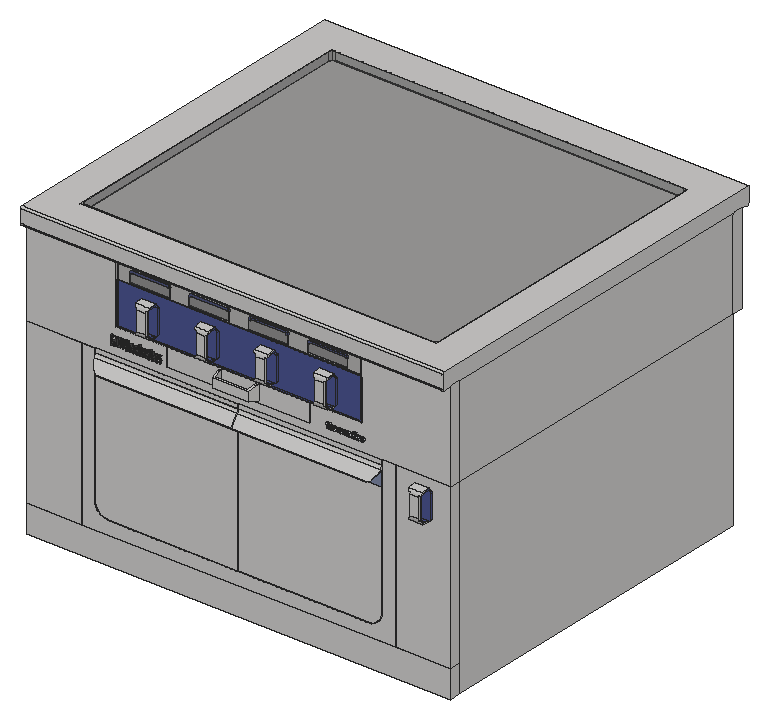
Revit family "QF_ELECTROLUXPROFESSIONAL_589707_MCTHEAJ4AO", category Attrezzature speciali, Revit 2020 (continued)
Definition of nested family "Front_Panel_W1000_Four Knobs"
  Definition of nested family "ELX_Professional_Logo_Small"
    Forms (mm)
      Extrusion 2, solid, material <- "Material_Logo"
        sketch origin (15.5, 0, 0) x (1, 0, 0) y (0, 1, 0)
          loop
            line (40.457, -0.243) -> (38.894, 1.942) -> (40.83, 4.579) -> (42.488, 6.837) -> (39.782, 6.837) -> (37.53, 3.719) -> (35.258, 6.837) -> (32.573, 6.837) -> (34.113, 4.731) -> (36.167, 1.922) -> (34.014, -1.076) -> (32.222, -3.573) -> (34.887, -3.573) -> (37.53, 0.104) -> (40.174, -3.573) -> (42.839, -3.573) -> (40.457, -0.243)
          loop
            line (-46.121, -5.837) -> (-48.039, -5.837) -> (-48.039, -10.814) -> (-47.016, -10.814) -> (-47.016, -9.128) -> (-46.121, -9.128)
            arc (-46.121, -9.128) -> (-44.476, -7.482) -> (-46.121, -5.837) r 1.645
          loop
            line (-46.163, -6.778) -> (-47.016, -6.778) -> (-47.016, -8.187) -> (-46.163, -8.187)
            arc (-46.163, -8.187) -> (-45.458, -7.482) -> (-46.163, -6.778) r 0.704
          loop
            line (-38.313, -5.837) -> (-40.265, -5.837) -> (-40.265, -10.814) -> (-39.241, -10.814) -> (-39.241, -9.1) -> (-38.46, -9.182) -> (-37.48, -10.814) -> (-36.318, -10.814) -> (-37.513, -8.848)
            arc (-37.513, -8.848) -> (-36.888, -8.266) -> (-36.671, -7.441) r 1.536
            arc (-36.671, -7.441) -> (-37.165, -6.305) -> (-38.313, -5.837) r 1.643
          loop
            arc (-38.402, -8.166) -> (-37.707, -7.505) -> (-38.334, -6.778) r 0.696
            line (-38.334, -6.778) -> (-39.241, -6.778) -> (-39.241, -8.166) -> (-38.402, -8.166)
          loop
            circle (-29.965, -8.325) r 2.585
          loop
            circle (-29.965, -8.325) r 1.64
          loop
            line (-23.1, -5.837) -> (-23.1, -10.814) -> (-22.076, -10.814) -> (-22.076, -8.768) -> (-20.204, -8.768) -> (-20.204, -7.828) -> (-22.076, -7.828) -> (-22.076, -6.778) -> (-20.024, -6.778) -> (-20.024, -5.837) -> (-23.1, -5.837)
          loop
            line (-15.802, -5.837) -> (-15.802, -9.2)
            arc (-15.802, -9.2) -> (-15.343, -10.34) -> (-14.209, -10.814) r 1.593
            line (-14.209, -10.814) -> (-12.602, -10.814) -> (-12.602, -10.027) -> (-14.004, -10.027)
            arc (-14.004, -10.027) -> (-14.552, -9.8) -> (-14.779, -9.252) r 0.775
            line (-14.779, -9.252) -> (-14.779, -8.424) -> (-12.789, -8.424) -> (-12.789, -7.642) -> (-14.779, -7.642) -> (-14.779, -6.778) -> (-12.651, -6.778) -> (-12.651, -5.837) -> (-15.802, -5.837)
          loop
            line (-5.909, -7.143) -> (-5.173, -6.638)
            arc (-5.173, -6.638) -> (-5.855, -5.974) -> (-6.781, -5.755) r 1.782
            arc (-6.781, -5.755) -> (-7.397, -5.878) -> (-7.944, -6.189) r 1.974
            arc (-7.944, -6.189) -> (-8.202, -6.5) -> (-8.317, -6.888) r 1.013
            arc (-8.317, -6.888) -> (-8.306, -7.341) -> (-8.192, -7.78) r 1.985
            arc (-8.192, -7.78) -> (-7.749, -8.259) -> (-7.171, -8.563) r 1.928
            arc (-7.171, -8.563) -> (-6.637, -8.779) -> (-6.131, -9.056) r 5.041
            arc (-6.131, -9.056) -> (-5.934, -9.387) -> (-6.09, -9.74) r 0.42
            arc (-6.09, -9.74) -> (-6.631, -9.96) -> (-7.204, -9.845) r 1.016
            arc (-7.204, -9.845) -> (-7.625, -9.603) -> (-7.889, -9.196) r 1.033
            line (-7.889, -9.196) -> (-8.67, -9.686)
            arc (-8.67, -9.686) -> (-8.361, -10.198) -> (-7.908, -10.589) r 1.914
            arc (-7.908, -10.589) -> (-7.334, -10.834) -> (-6.714, -10.896) r 2.063
            arc (-6.714, -10.896) -> (-5.947, -10.743) -> (-5.256, -10.376) r 2.696
            arc (-5.256, -10.376) -> (-4.95, -9.565) -> (-5.108, -8.712) r 1.618
            arc (-5.108, -8.712) -> (-5.448, -8.319) -> (-5.884, -8.035) r 1.876
            arc (-5.884, -8.035) -> (-6.434, -7.789) -> (-6.999, -7.577) r 9.883
            arc (-6.999, -7.577) -> (-7.325, -7.07) -> (-6.854, -6.694) r 0.45
            arc (-6.854, -6.694) -> (-6.329, -6.809) -> (-5.909, -7.143) r 1.197
          loop
            line (1.61, -7.143) -> (2.345, -6.638)
            arc (2.345, -6.638) -> (1.663, -5.974) -> (0.737, -5.755) r 1.782
            arc (0.737, -5.755) -> (0.121, -5.878) -> (-0.425, -6.189) r 1.974
            arc (-0.425, -6.189) -> (-0.683, -6.5) -> (-0.799, -6.888) r 1.013
            arc (-0.799, -6.888) -> (-0.788, -7.341) -> (-0.674, -7.78) r 1.985
            arc (-0.674, -7.78) -> (-0.231, -8.259) -> (0.347, -8.563) r 1.928
            arc (0.347, -8.563) -> (0.881, -8.779) -> (1.387, -9.056) r 5.041
            arc (1.387, -9.056) -> (1.584, -9.387) -> (1.428, -9.74) r 0.42
            arc (1.428, -9.74) -> (0.887, -9.96) -> (0.314, -9.845) r 1.016
            arc (0.314, -9.845) -> (-0.107, -9.603) -> (-0.371, -9.196) r 1.033
            line (-0.371, -9.196) -> (-1.152, -9.686)
            arc (-1.152, -9.686) -> (-0.842, -10.198) -> (-0.39, -10.589) r 1.914
            arc (-0.39, -10.589) -> (0.184, -10.834) -> (0.804, -10.896) r 2.063
            arc (0.804, -10.896) -> (1.572, -10.743) -> (2.263, -10.376) r 2.696
            arc (2.263, -10.376) -> (2.568, -9.565) -> (2.411, -8.712) r 1.618
            arc (2.411, -8.712) -> (2.07, -8.319) -> (1.635, -8.035) r 1.876
            arc (1.635, -8.035) -> (1.084, -7.789) -> (0.519, -7.577) r 9.883
            arc (0.519, -7.577) -> (0.193, -7.07) -> (0.665, -6.694) r 0.45
            arc (0.665, -6.694) -> (1.189, -6.809) -> (1.61, -7.143) r 1.197
          loop
            line (6.801, -5.837) -> (6.801, -10.814) -> (7.825, -10.814) -> (7.825, -5.837) -> (6.801, -5.837)
          loop
            circle (14.724, -8.325) r 1.548
          loop
            circle (14.724, -8.325) r 2.585
          loop
            line (21.59, -10.814) -> (22.623, -10.814) -> (22.623, -7.685) -> (24.9, -10.814) -> (25.895, -10.814) -> (25.895, -5.837) -> (24.861, -5.837) -> (24.861, -9.061) -> (22.585, -5.837) -> (21.59, -5.837) -> (21.59, -10.814)
          loop
            line (31.054, -10.814) -> (31.539, -9.74) -> (33.38, -9.74) -> (33.865, -10.814) -> (34.965, -10.814) -> (32.46, -5.837) -> (29.956, -10.814) -> (31.054, -10.814)
          loop
            line (32.46, -7.698) -> (31.999, -8.719) -> (32.921, -8.719) -> (32.46, -7.698)
          loop
            line (40.047, -9.873) -> (40.047, -5.837) -> (39.024, -5.837) -> (39.024, -10.814) -> (41.961, -10.814) -> (41.961, -9.873) -> (40.047, -9.873)
          loop
            line (-74.986, -10.814) -> (-53.322, -10.814) -> (-53.322, 10.82) -> (-74.986, 10.82) -> (-74.986, -10.814)
          loop
            line (-61.261, 9.758) -> (-61.261, -9.707)
            arc (-61.261, -9.707) -> (-54.066, 0.025) -> (-61.261, 9.758) r 10.18
          loop
            line (-62.251, 8.349) -> (-62.251, 9.758)
            arc (-62.251, 9.758) -> (-70.347, 7.918) -> (-74.247, 0.59) r 9.976
            line (-74.247, 0.59) -> (-71.026, 0.59)
            arc (-71.026, 0.59) -> (-65.274, 2.925) -> (-62.251, 8.349) r 9.351
          loop
            arc (-74.247, -0.539) -> (-70.353, -7.928) -> (-62.251, -9.957) r 10.237
            line (-62.251, -9.957) -> (-62.251, -8.298)
            arc (-62.251, -8.298) -> (-65.274, -2.874) -> (-71.026, -0.539) r 9.351
            line (-71.026, -0.539) -> (-74.247, -0.539)
        from 0 to 1.644
    Dimensions and locks
      aligned and locked: plane 2 to Extrusion 1
      aligned and locked: level to Extrusion 1
Definition of nested family "H450H2W1000_2DOOR"
  Parameters
    Width [instance] = 680 mm
    Wdoor [instance] = Width / 2  # 340 mm
    Show Clearance [instance] = yes
    Model = "727995"
    Height = 450 mm
    Default Elevation = 0 mm
  Reference planes
    plane 1 "Center (Front/Back)": y = 0
    plane 2: z = 0
    plane 3 "Center (Left/Right)": x = 36.042
    plane 4 "panel": z = 25
    plane 5: x = -303.958
    plane 6: x = 376.042
    plane 7: y = 450
    plane 8: z = 340
    plane 9: z = 45
  Forms (mm)
    Extrusion 1, solid
      sketch origin (0, -919.2, 0) x (1, 0, 0) y (0, 1, 0)
        loop
          line (-980.5, 2119.2) -> (-980.5, -162.846) -> (881.94, -162.846) -> (881.94, 2119.2) -> (-980.5, 2119.2)
      from 0 to -59.546
    Extrusion 2, solid
      sketch origin (0, 0, 0) x (1, 0, 0) y (0, 1, 0)
        loop
          line (374.042, 393) -> (37.042, 393) -> (37.042, 97) -> (344.042, 97)
          arc (344.042, 97) -> (365.255, 105.787) -> (374.042, 127) r 30
          line (374.042, 127) -> (374.042, 393)
        loop
          arc (-301.958, 127) -> (-293.171, 105.787) -> (-271.958, 97) r 30
          line (-271.958, 97) -> (35.042, 97) -> (35.042, 393) -> (-301.958, 393) -> (-301.958, 127)
      from 0 to 25
    Extrusion 3, solid
      sketch origin (0, 0, 0) x (1, 0, 0) y (0, 1, 0)
        loop
          line (-301.958, 393) -> (35.042, 393) -> (35.042, 440) -> (-301.958, 440) -> (-301.958, 393)
        loop
          line (37.042, 440) -> (37.042, 393) -> (374.042, 393) -> (374.042, 440) -> (37.042, 440)
      from 0 to 25
    Extrusion 4, solid
      sketch origin (5.581, 79.805, 0) x (1, 0, 0) y (0, 1, 0)
        loop
          line (-307.539, 360.195) -> (29.461, 360.195) -> (29.461, 370.195) -> (-307.539, 370.195) -> (-307.539, 360.195)
        loop
          line (31.461, 370.195) -> (31.461, 360.195) -> (368.461, 360.195) -> (368.461, 370.195) -> (31.461, 370.195)
      from 0 to 25
    Extrusion 5, solid
      sketch origin (36.042, 0, 0) x (0, 1, 0) y (0, 0, 1)
        loop
          line (426.693, 25) -> (440.02, 25)
          arc (440.02, 25) -> (435.261, 25.775) -> (430.993, 28.02) r 15
          line (430.993, 28.02) -> (406.653, 46.362) -> (403.644, 42.369) -> (426.693, 25)
      from 1 to 338
    Extrusion 6, solid
      sketch origin (36.042, 0, 0) x (0, 1, 0) y (0, 0, 1)
        loop
          line (426.693, 25) -> (440.02, 25)
          arc (440.02, 25) -> (435.261, 25.775) -> (430.993, 28.02) r 15
          line (430.993, 28.02) -> (406.653, 46.362) -> (403.644, 42.369) -> (426.693, 25)
      from -338 to -1
    Extrusion 7, void
      sketch origin (0, 0, 0) x (1, 0, 0) y (0, 1, 0)
        loop
          arc (374.042, 426.693) -> (364.508, 412.772) -> (350.317, 403.644) r 42.603
          line (350.317, 403.644) -> (374.042, 403.644) -> (374.042, 426.693)
      from 0 to 47.9
    Extrusion 8, void
      sketch origin (72.084, 0, 0) x (-1, 0, 0) y (0, -1, 0)
        loop
          line (374.042, -426.693) -> (374.042, -403.644) -> (350.317, -403.644)
          arc (350.317, -403.644) -> (364.508, -412.772) -> (374.042, -426.693) r 42.603
      from 0 to 47.9
    Extrusion 9, solid, detail levels coarse
      sketch origin (0, 0, 0) x (1, 0, 0) y (0, 0, 1)
        loop
          arc (36.231, 25) -> (-56.085, 247.873) -> (-278.958, 340.189) r 315.189
          line (-278.958, 340.189) -> (-278.958, 25) -> (36.231, 25)
      from -450 to -97
    Extrusion 10, solid, detail levels coarse
      sketch origin (0, 0, 0) x (1, 0, 0) y (0, 0, 1)
        loop
          arc (351.042, 340) -> (128.303, 247.739) -> (36.042, 25) r 315
          line (36.042, 25) -> (351.042, 25) -> (351.042, 340)
      from -450 to -97
  Cuts and joins
    Extrusion 8 cuts Extrusion 6
    Extrusion 7 cuts Extrusion 5
  Lines and regions (mm)
    symbolic lines
      curve 1: line (376.042, 0, 45) -> (376.042, 0, 340)
      curve 2: line (351.042, 0, 45) -> (351.042, 0, 340)
      curve 3: line (376.042, 0, 340) -> (351.042, 0, 340)
      curve 4: line (-303.958, 0, 45) -> (-303.958, 0, 340)
      curve 5: line (-278.958, 0, 45) -> (-278.958, 0, 340)
      curve 6: line (-303.958, 0, 340) -> (-278.958, 0, 340)
      curve 7: arc (351.042, 0, 340) -> (135.522, 0, 254.731) -> (36.683, 0, 45.088) r 315
      curve 8: arc (35.407, 0, 44.997) -> (-63.405, 0, 254.7) -> (-278.958, 0, 340) r 315
  Dimensions and locks
    plane 4 "panel" to level = 25 mm
    "Width": plane 5 to plane 6
    equal spacing: plane 5, plane 3 "Center (Left/Right)", plane 6
    "Height": plane 1 "Center (Front/Back)" to plane 7
    locked: plane 5 to Extrusion 2 sketch curve at 2
    locked: Extrusion 2 sketch curve to plane 6 at 2
    locked: plane 1 "Center (Front/Back)" to Extrusion 2 sketch curve at 97
    locked: plane 7 to Extrusion 2 sketch curve at 57
    locked: Extrusion 2 sketch curve to plane 3 "Center (Left/Right)" at 1
    locked: plane 3 "Center (Left/Right)" to Extrusion 2 sketch curve at 1
    Extrusion 3 sketch curve to Extrusion 2 = 47 mm
    "Wdoor": plane 8 to level
    locked: curve 2 to curve 1 at 25
    locked: curve 5 to curve 4 at 25
    plane 4 "panel" to plane 9 = 20 mm
    aligned and locked: plane 2 to Extrusion 1
    aligned and locked: level to Extrusion 1
    aligned and locked: plane 4 "panel" to Extrusion 2
    aligned and locked: Extrusion 2 to Extrusion 3 sketch curve
    aligned and locked: Extrusion 3 sketch curve to Extrusion 2  (x2)
    aligned and locked: Extrusion 3 sketch curve to Extrusion 3 sketch curve
    aligned and locked: plane 4 "panel" to Extrusion 3
    aligned and locked: Extrusion 4 sketch curve to Extrusion 4 sketch curve
    aligned and locked: Extrusion 4 sketch curve to Extrusion 3  (x3)
    aligned and locked: Extrusion 3 to Extrusion 4 sketch curve
    aligned and locked: Extrusion 4 sketch curve to plane 7
    aligned and locked: Extrusion 3 to Extrusion 5
    aligned and locked: Extrusion 5 to Extrusion 3
    aligned and locked: Extrusion 6 to Extrusion 3
    aligned and locked: Extrusion 3 to Extrusion 6
    aligned and locked: Extrusion 7 sketch curve to Extrusion 5
    aligned and locked: Extrusion 8 to Extrusion 6
    aligned and locked: Extrusion 4 to Extrusion 8
    aligned and locked: Extrusion 2 to Extrusion 7
    aligned and locked: Extrusion 7 to Extrusion 5
    aligned and locked: Extrusion 4 to Extrusion 3  (x2)
    aligned and locked: Extrusion 3 to Extrusion 2
    aligned and locked: Extrusion 4 to Extrusion 2
    aligned and locked: curve 3 to plane 8
    aligned and locked: curve 1 to plane 6
    aligned and locked: curve 4 to plane 5
    aligned and locked: Extrusion 9 sketch curve to plane 4 "panel"
    aligned and locked: Extrusion 10 sketch curve to curve 7
    aligned and locked: Extrusion 10 sketch curve to curve 2
    aligned and locked: Extrusion 2 to Extrusion 9
    aligned and locked: Extrusion 2 to Extrusion 10
    aligned and locked: plane 7 to Extrusion 9
    aligned and locked: Extrusion 3 to Extrusion 4
  Automatic sketch dimensions
    Extrusion 1 sketch curve to Extrusion 1 sketch curve = 1862.44 mm
    Extrusion 1 sketch curve to Extrusion 1 sketch curve = 2282.046 mm
    Extrusion 2 sketch curve to Extrusion 2 sketch curve = 30 mm  (x2)
    Extrusion 2 sketch curve to plane 1 "Center (Front/Back)" = 97 mm
    Extrusion 2 sketch curve to Extrusion 2 sketch curve = 0 mm
    Extrusion 3 sketch curve to plane 3 "Center (Left/Right)" = 1 mm
    plane 5 to Extrusion 3 sketch curve = 2 mm
    Extrusion 3 sketch curve to Extrusion 3 sketch curve = 0 mm
    Extrusion 5 sketch curve to plane 4 "panel" = 0 mm
    plane 4 "panel" to Extrusion 5 sketch curve = 17.369 mm
    Extrusion 5 sketch curve to plane 7 = 46.356 mm
    plane 4 "panel" to Extrusion 5 sketch curve = 21.362 mm
    Extrusion 5 sketch curve to Extrusion 5 sketch curve = 3.009 mm
    plane 4 "panel" to Extrusion 5 sketch curve = 3.02 mm
    Extrusion 5 sketch curve to Extrusion 5 sketch curve = 9.027 mm
    Extrusion 6 sketch curve to plane 4 "panel" = 0 mm
    plane 4 "panel" to Extrusion 6 sketch curve = 17.369 mm
    Extrusion 6 sketch curve to plane 7 = 46.356 mm
    plane 4 "panel" to Extrusion 6 sketch curve = 21.362 mm
    Extrusion 6 sketch curve to Extrusion 6 sketch curve = 3.009 mm
    plane 4 "panel" to Extrusion 6 sketch curve = 3.02 mm
    Extrusion 6 sketch curve to Extrusion 6 sketch curve = 9.027 mm
    Extrusion 7 sketch curve to Extrusion 7 sketch curve = 23.725 mm
    Extrusion 7 sketch curve to plane 7 = 6.671 mm
    Extrusion 7 sketch curve to plane 6 = 41.221 mm
    Extrusion 7 sketch curve to plane 7 = 23.307 mm
    plane 7 to Extrusion 8 sketch curve = 6.671 mm
    Extrusion 8 sketch curve to plane 5 = 41.221 mm
    Extrusion 8 sketch curve to plane 5 = 25.725 mm
    Extrusion 8 sketch curve to plane 5 = 2 mm
    plane 7 to Extrusion 8 sketch curve = 23.307 mm
    Extrusion 4 sketch curve to Extrusion 4 sketch curve = 10 mm
    Extrusion 4 sketch curve to plane 7 = 10 mm
    curve 2 to plane 9 = 0 mm
    curve 5 to plane 9 = 0 mm
    curve 4 to plane 9 = 0 mm
    curve 1 to plane 9 = 0 mm
    curve 8 to plane 4 "panel" = 0 mm
    curve 5 to plane 8 = 0 mm
    curve 8 to plane 9 = 0.003 mm
    curve 7 to plane 4 "panel" = 0 mm
    plane 9 to curve 7 = 0.088 mm
    plane 5 to Extrusion 9 sketch curve = 25 mm
    plane 3 "Center (Left/Right)" to Extrusion 9 sketch curve = 0.189 mm
Definition of nested family "Warm"
  Reference planes
    plane 1 "Center (Front/Back)": y = 0
    plane 2: z = 0
    plane 3 "Center (Left/Right)": x = 0
  Lines and regions (mm)
    detail lines, in view "Ref. Level"
      curve 1: circle (-165.742, 180.331, 0) r 45 normal (0, 0, 1)
      curve 2: line (-165.742, 125.331, 0) -> (-165.742, 80.331, 0)
      curve 3: line (-165.742, 235.331, 0) -> (-165.742, 280.331, 0)
      curve 4: line (-105.742, 180.331, 0) -> (-65.742, 180.331, 0)
      curve 5: line (-220.742, 180.331, 0) -> (-265.742, 180.331, 0)
      curve 6: line (-126.851, 141.44, 0) -> (-95.031, 109.62, 0)
      curve 7: line (-204.632, 219.221, 0) -> (-236.452, 251.041, 0)
      curve 8: line (-126.851, 219.221, 0) -> (-95.031, 251.041, 0)
      curve 9: line (-204.632, 141.44, 0) -> (-236.452, 109.62, 0)
